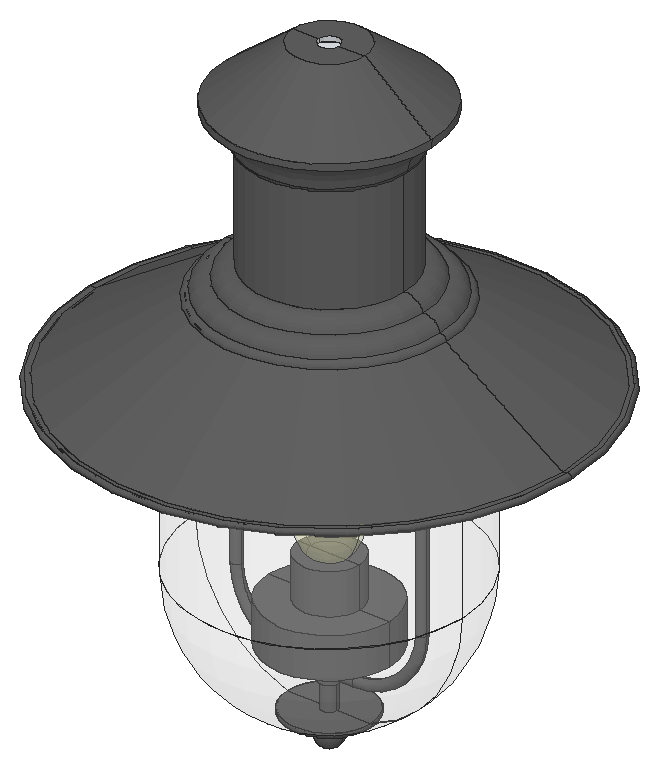
Revit family "MCL12 SHADE", category Lighting Fixtures, Revit 2024
Family settings
  Round Connector Dimension = Use Diameter
  Part Type = Normal
  OmniClass Number = 23.80.70.00
  OmniClass Title = Lighting
  Work Plane-Based = No
  Always vertical = Yes
  Cut with Voids When Loaded = No
  Light Source = No
  Maintain Annotation Orientation = No
  Shared = No
  Room Calculation Point = No
Parameters
  Default Elevation = 0' - 0"
Reference planes (in)
  plane 1 "Light Source Axis (F/B)": y = 0
  plane 2: z = 0
  plane 3 "Light Source Axis (L/R)": x = 0
  plane 4 "Light Source Elevation": z = 84
Forms (in)
  Revolve 1, solid, not visible
    sketch origin (0, 0, 0) x (1, 0, 0) y (0, 0, 1)
      loop
        line (-2.99192, 88.09279) -> (-2.89556, 88.09279) -> (-2.89556, 88.38477) -> (-2.99192, 88.38477) -> (-2.99192, 88.09279)
      axis (-2.89556, 88.09279) -> (-2.99192, 88.09279)
    angle from 0 to 360
  Sweep 2, solid, not visible
    path origin (0, 0, 0) x (1, 0, 0) y (0, 0, 1)
      loop
        arc (-2.97158, 88.08519) -> (-3.96217, 87.55604) -> (-4.35786, 86.505) r 1.59375
        line (-4.35786, 86.505) -> (-4.35786, 85.3018)
    profile origin (-3.96217, 0, 87.55604) x (0.751723, 0, -0.659479) y (0, -1, 0)
      loop
        circle (0, 0) r 0.15625
  Revolve 3, solid, not visible
    sketch origin (0, 0, 0) x (1, 0, 0) y (0, 0, 1)
      loop
        line (-4.84702, 85.01395) -> (-4.61007, 85.21882) -> (-4.67548, 85.29447) -> (-5.07238, 85.7535)
        arc (-5.07238, 85.7535) -> (-5.11657, 85.32649) -> (-4.68956, 85.2823) r 0.30356
        line (-4.68956, 85.2823) -> (-4.91791, 85.08485) -> (-4.84702, 85.01395)
      axis (-4.61007, 85.21882) -> (-5.07238, 85.7535)
    angle from 0 to 360
  Revolve 4, solid
    sketch origin (0, 0, 0) x (1, 0, 0) y (0, 0, 1)
      loop
        line (-5.85239, 84.05624) -> (-5.77985, 84.05624) -> (-2.78909, 85.95942)
        arc (-2.78909, 85.95942) -> (-2.80222, 86.02097) -> (-2.75006, 86.05617) r 0.05624
        line (-2.75006, 86.05617) -> (-2.65845, 86.13002)
        arc (-2.65845, 86.13002) -> (-2.49982, 86.33092) -> (-2.24385, 86.32923) r 0.29152
        arc (-2.24385, 86.32923) -> (-2.0843, 86.61564) -> (-1.75646, 86.61917) r 0.32657
        line (-1.75646, 86.61917) -> (-1.75646, 89.39465) -> (-1.84675, 89.50041)
        arc (-1.84675, 89.50041) -> (-2.05646, 89.96389) -> (-2.45786, 90.27642) r 1.06064
        line (-2.45786, 90.27642) -> (-2.45786, 90.32776) -> (-0.84547, 91.55624) -> (-0.25, 91.55624) -> (-0.25, 91.64999) -> (-0.87711, 91.64999) -> (-2.55161, 90.37419) -> (-2.55161, 90.21353)
        arc (-2.55161, 90.21353) -> (-2.14905, 89.92919) -> (-1.93894, 89.48338) r 0.96689
        arc (-1.93894, 89.48338) -> (-1.91295, 89.42064) -> (-1.85021, 89.39465) r 0.08872
        line (-1.85021, 89.39465) -> (-1.85021, 86.7499)
        arc (-1.85021, 86.7499) -> (-2.14299, 86.68958) -> (-2.32163, 86.44991) r 0.42032
        arc (-2.32163, 86.44991) -> (-2.59455, 86.38375) -> (-2.75006, 86.14992) r 0.38527
        arc (-2.75006, 86.14992) -> (-2.85612, 86.10599) -> (-2.90006, 85.99993) r 0.14999
        line (-2.90006, 85.99993) -> (-5.80715, 84.14999) -> (-5.92501, 84.14999)
        arc (-5.92501, 84.14999) -> (-5.9843, 84.02907) -> (-5.85239, 84.05624) r 0.075
      loop
        line (0, 76) -> (0, 80.29767) -> (-0.75, 80.29767) -> (-0.75, 79.29767) -> (-1.5, 79.29767) -> (-1.5, 78.29767) -> (-0.19123, 78.29767) -> (-0.19123, 77.86906) -> (-0.26214, 77.86906) -> (-0.26214, 77.5) -> (-0.19123, 77.5) -> (-0.19123, 76.86657) -> (-1.03723, 76.86657)
        arc (-1.03723, 76.86657) -> (-1.03751, 76.78705) -> (-0.97738, 76.73502) r 0.09527
        arc (-0.97738, 76.73502) -> (-0.59195, 76.64885) -> (-0.19875, 76.6117) r 3.14258
        arc (-0.19875, 76.6117) -> (-0.32159, 76.23365) -> (0, 76) r 0.33814
      axis (0, 91.64999) -> (0, 76)
    angle from 0 to 360
  Sweep 5, solid
    path origin (0, 0, 0) x (1, 0, 0) y (0, 0, 1)
      loop
        line (-2.42569, 84) -> (-2.42569, 79.30953)
        arc (-2.42569, 79.30953) -> (-1.91312, 78.07209) -> (-0.67569, 77.55953) r 1.75
        line (-0.67569, 77.55953) -> (-0.26214, 77.55953)
    profile origin (-2.42569, 0, 81.65477) x (0, -1, 0) y (1, 0, 0)
      loop
        circle (0, 0.12592) r 0.125
  Sweep 6, solid
    path origin (0, 0, 0) x (-1, 0, 0) y (0, 0, -1)
      loop
        line (-2.42569, -84) -> (-2.42569, -79.30953)
        arc (-2.42569, -79.30953) -> (-1.91312, -78.07209) -> (-0.67569, -77.55953) r 1.75
        line (-0.67569, -77.55953) -> (-0.26214, -77.55953)
    profile origin (2.42569, 0, 81.65477) x (0, -1, 0) y (1, 0, 0)
      loop
        circle (0, -0.12592) r 0.125
  Revolve 7, solid
    sketch origin (0, 0, 0) x (1, 0, 0) y (0, 0, 1)
      loop
        line (-0.44001, 80.29767) -> (0, 80.29767) -> (0, 82.86723)
        arc (0, 82.86723) -> (-0.53033, 82.64756) -> (-0.75, 82.11723) r 0.75
        line (-0.75, 82.11723) -> (-0.75, 81.06493)
        arc (-0.75, 81.06493) -> (-0.66447, 80.65324) -> (-0.44001, 80.29767) r 1.18003
      axis (0, 82.86723) -> (0, 80.29767)
    angle from 0 to 360
  Revolve 8, solid
    sketch origin (0, 0, 0) x (1, 0, 0) y (0, 0, 1)
      loop
        line (-3.30275, 84.14999) -> (-3.30275, 80.00094)
        arc (-3.30275, 80.00094) -> (-2.67707, 78.06724) -> (-1.03723, 76.86657) r 3.30098
        line (-1.03723, 76.86657) -> (0, 76.86657) -> (0, 84.14999) -> (-3.30275, 84.14999)
      axis (0, 84.14999) -> (0, 76.86657)
    angle from 0 to 360
Dimensions and locks (in)
  aligned and locked: level to plane 2
